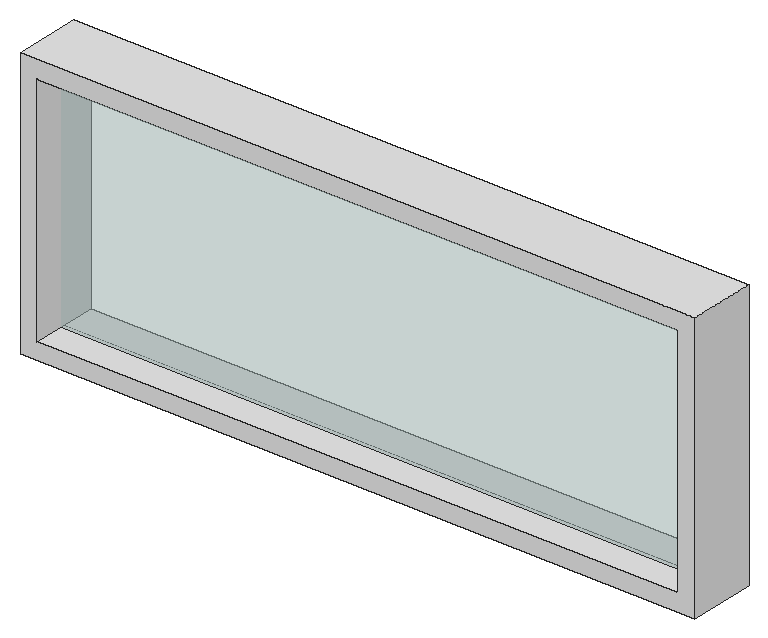
Revit family "Jan_Ext_Alt", category Windows, host Wall, Revit 2025
Family settings
  Host = Wall
  OmniClass Number = 23.30.20.00
  OmniClass Title = Windows
  Always vertical = Yes
  Cut with Voids When Loaded = No
  Shared = No
  Room Calculation Point = Yes
Parameters (values of type "Janela_1x1")
  Type IFC Predefined Type = "WINDOW"
  Janela_Largura = Width  # 1.000 m
  Janela_Altura_Verga = 2.100 m
  Janela_Altura = 0.400 m
  Janela_Alta = yes
  Height = 2.100 m
  Janela_Altura_Peitoril = Janela_Altura_Verga - Height  # 0.000 m
  Wall Closure = By host
  Width = 1.000 m
  Export Type to IFC As = "IfcWindowType"
  ABNT_3E = "3E.20.04.02"
Reference planes (m)
  plane 1 "Center (Front/Back)": y = 0
  plane 2 "Center (Left/Right)": x = 0
  plane 3 "Exterior": y = 0.05
  plane 4 "Interior": y = -0.05
  plane 5: z = 2.1
  plane 6: z = 1.7
  plane 7: x = 0.5
  plane 8: x = -0.5
Forms (m)
  Extrusion 1, solid, material "CT_Aluminio"
    sketch origin (0, -0.05, 0) x (1, 0, 0) y (0, 0, 1)
      loop
        line (-0.5, 2.1) -> (-0.5, 1.7) -> (0.5, 1.7) -> (0.5, 2.1) -> (-0.5, 2.1)
      loop
        line (-0.475, 2.074501) -> (-0.475, 1.725) -> (0.475, 1.725) -> (0.475, 2.074501) -> (-0.475, 2.074501)
    from -0.1 to 0
  Extrusion 2, solid, material "CT_Vidros"
    sketch origin (0, -0.05, 0) x (1, 0, 0) y (0, 0, 1)
      loop
        line (-0.475, 2.074501) -> (-0.475, 1.725) -> (0.475, 1.725) -> (0.475, 2.074501) -> (-0.475, 2.074501)
    from -0.05 to -0.042943
Lines and regions (m)
  Opening 1
    outline origin (-5, -0.05, 0) x (1, 0, 0) y (0, 0, 1)
      loop
        line (5.5, 2.1) -> (4.5, 2.1) -> (4.5, 1.7) -> (5.5, 1.7) -> (5.5, 2.1)
  model lines
    curve 1: line (-0.5, 0.05, 0) -> (-0.5, -0.05, 0)
    curve 2: line (0.5, 0.05, 0) -> (0.5, -0.05, 0)
  model lines, visible <- "Janela_Alta"
    curve 3: line (-0.5, 0, 0) -> (0.5, 0, 0)
Text (m)
  text "Exterior" at (-1.963203, 1.332353, 0), in view "Ref. Level"
  text "Interior" at (-1.981466, -0.818386, 0), in view "Ref. Level"
  text "Exterior" at (0, 0.923751, 2.943296), in view "Right"
  text "Exterior" at (0, 1.040484, 2.685409), in view "Left"
Dimensions and locks (m)
  locked: plane 3 "Exterior" to host wall
  locked: plane 4 "Interior" to host wall
  "Janela_Altura_Verga": level to plane 5
  "Janela_Altura": plane 6 to plane 5
  equal spacing: plane 8, plane 2 "Center (Left/Right)", plane 7
  "Janela_Largura": plane 8 to plane 7
  locked: Extrusion 1 sketch curve to Extrusion 1 sketch curve at 0.025  (x3)
  locked: Extrusion 1 sketch curve to Extrusion 1 sketch curve at 0.025499
  locked: Extrusion 2 to Extrusion 2 at 0.007057
  aligned and locked: plane 5 to Opening 1 sketch curve
  aligned and locked: Opening 1 sketch curve to plane 7
  aligned and locked: Opening 1 sketch curve to plane 6
  aligned and locked: plane 8 to Opening 1 sketch curve
  aligned and locked: curve 1 to host wall
  aligned and locked: curve 2 to host wall
  aligned and locked: Extrusion 1 sketch curve to host wall  (x4)
  aligned and locked: Extrusion 2 sketch curve to Extrusion 1  (x4)
  aligned and locked: host wall to Extrusion 1  (x2)
  aligned and locked: Extrusion 2 to host wall
Automatic sketch dimensions
  host wall to curve 1 = 0.000 m
  host wall to curve 3 = 0.000 m
  host wall to curve 2 = 0.000 m
  curve 2 to host wall = 0.000 m
  curve 1 to host wall = 0.000 m
